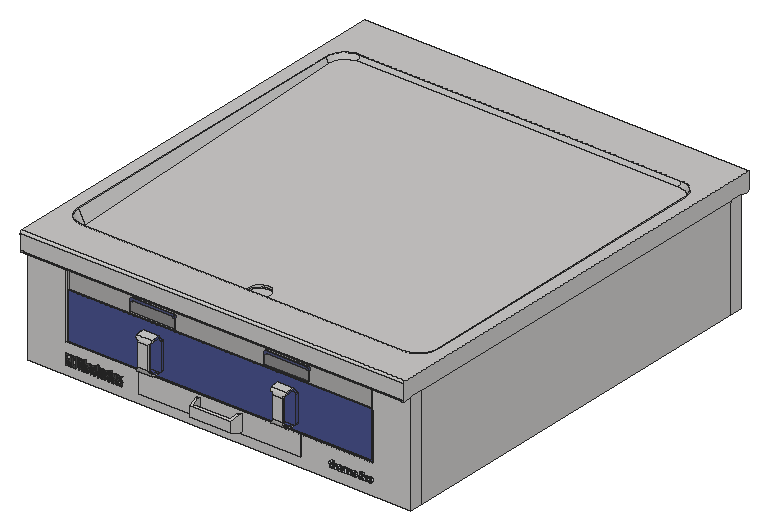
Revit family "QF_ELECTROLUXPROFESSIONAL_589829_MCHMAAHODM", category Attrezzature speciali, Revit 2020
Family settings
  Quota connettore circolare = Usa diametro
  Tipo di parte = Normale
  Basato su piano di lavoro = No
  Sempre verticale = Sì
  Taglio con vuoti quando caricato = No
  Condiviso = No
  Punto di calcolo locali = No
Parameters (values of type "Standard")
  Weight = 120.00 kg
  Watts = 15300 W
  Volts = 440 V
  URL Manufacturer = "https://www.electroluxprofessional.com/"
  URL = "https://www.electroluxprofessional.com/"
  Steam Supply Size = 0"
  Steam Supply Minimum Pressure = 0.00 psi
  Steam Supply Maximum Pressure = 0.00 psi
  Steam Consumption per Hour = 0
  Refrigeration Suction Line Size = 0 mm
  Refrigeration Liquid Line Size = 0 mm
  Refrigerant Compressor Remote = yes
  Prospetto di default = 0 mm
  Phase = 3
  Modello = "MCHMAAHODM"
  Produttore = "Electrolux Professional"
  Length Actual = 800 mm  # constant formula
  Item Number = "589829"
  Hot Water Size = 0"
  Height Actual = 250 mm  # constant formula
  HP = "20.5 HP"
  Gas Size = 0"
  Gas KW = 0
  Gas Input Pressure = 0.0 Btu/h
  Direct Waste Size = 0"
  Descrizione = "FRYTOP,SMT,2Z,1S,800X900X250H MARINE"
  Depth Actual = 900 mm  # constant formula
  Cycle = 50 Hz
  Condensate Return Size = 0"
  Compressed Air Volume = 0 GPM
  Compressed Air Size = 0"
  Compressed Air Pressure = 0.00 psi
  Cold Water Size = 0"
  Accessory = yes
Reference planes
  plane 1 "BACK": y = 0
  plane 2: z = 0
  plane 3 "LEFT": x = 0
  plane 4 "RIGHT": x = 800
  plane 5 "FRONT": y = -900
  plane 6 "TOP": z = 900
  plane 7 "Center (Left/Right)": x = 400
  plane 8 "Center (Front/Back)": y = -425
  plane 9: y = -150
  plane 10: y = -65
  plane 11: y = -840
  plane 12 "EIY": y = -685
  plane 13: z = 938
  plane 14 "BaseTop": z = 650
  plane 15: y = -855
  plane 16 "Camino": y = -50
  plane 17 "EIx": x = 755
  plane 18: z = 1131
  plane 19 "PlaneRibbed": through (-6096, -65, 890) normal (0, -0.0251, 0.9997)
  plane 20 "Base": z = 200
Forms (mm)
  Extrusion 1, solid, material "QF_Finishes_Stainless Steel"
    sketch origin (-178.969, -4572, 100) x (-1, 0, 0) y (0, -1, 0)
      loop
        line (-178.969, -4527) -> (-178.969, -3717) -> (-978.969, -3717) -> (-978.969, -4527) -> (-178.969, -4527)
    from 550 to 762.969
  Extrusion 2, solid, material "QF_Finishes_Stainless Steel"
    sketch origin (400, 296.4, 1219.2) x (0, 1, 0) y (0, 0, 1)
      loop
        line (-296.4, -319.2) -> (-1191.4, -319.2)
        arc (-1191.4, -319.2) -> (-1194.935, -320.664) -> (-1196.4, -324.2) r 5
        line (-1196.4, -324.2) -> (-1196.4, -355.2)
        arc (-1196.4, -355.2) -> (-1194.971, -358.264) -> (-1191.705, -359.139) r 4
        line (-1191.705, -359.139) -> (-1176.4, -356.231) -> (-316.4, -356.231) -> (-301.094, -359.139)
        arc (-301.094, -359.139) -> (-297.829, -358.264) -> (-296.4, -355.2) r 4
        line (-296.4, -355.2) -> (-296.4, -319.2)
    from -400 to 400
  Extrusion 3, void
    sketch origin (0, -30, 900) x (-1, 0, 0) y (0, -1, 0)
      loop
        arc (-65, 65) -> (-36.716, 76.716) -> (-25, 105) r 40
        line (-25, 105) -> (-25, 750)
        arc (-25, 750) -> (-36.716, 778.284) -> (-65, 790) r 40
        line (-65, 790) -> (-735, 790)
        arc (-735, 790) -> (-763.284, 778.284) -> (-775, 750) r 40
        line (-775, 750) -> (-775, 105)
        arc (-775, 105) -> (-763.284, 76.716) -> (-735, 65) r 40
        line (-735, 65) -> (-65, 65)
    from 0 to -30
  Extrusion 4, solid, material "QF_Finishes_Stainless Steel"
    sketch origin (0, 0, 650) x (-1, 0, 0) y (0, -1, 0)
      loop
        circle (-755, 685) r 10.1
    from 0 to -10
  Sweep 5, solid, material "QF_Finishes_Stainless Steel"
    path origin (0, -30, 900) x (-1, 0, 0) y (0, -1, 0)
      loop
        line (-25, 105) -> (-25, 750)
        arc (-25, 750) -> (-36.716, 778.284) -> (-65, 790) r 40
        line (-65, 790) -> (-735, 790)
        arc (-735, 790) -> (-763.284, 778.284) -> (-775, 750) r 40
        line (-775, 750) -> (-775, 105)
        arc (-775, 105) -> (-763.284, 76.716) -> (-735, 65) r 40
        line (-735, 65) -> (-65, 65)
        arc (-65, 65) -> (-36.716, 76.716) -> (-25, 105) r 40
    profile origin (25, -457.5, 900) x (1, 0, 0) y (0, 0, 1)
      loop
        line (0, 0) -> (0, -30) -> (15, -30) -> (0, 0)
  Extrusion 6, void
    sketch origin (305.009, -30, 900) x (-1, 0, 0) y (0, -1, 0)
      loop
        circle (-94.991, 746) r 22.248
    from -32.282 to 0
  Extrusion 7, solid, material "QF_Finishes_Stainless Steel"
    sketch origin (400, 266.4, 1219.2) x (0, 1, 0) y (0, 0, 1)
      loop
        line (-1086.4, -349.2) -> (-361.4, -349.2) -> (-361.4, -329.2) -> (-1086.4, -347.399) -> (-1086.4, -349.2)
    from -375 to 375
  Extrusion 8, void
    sketch origin (290.252, -10, 900) x (-1, 0, 0) y (0, -1, 0)
      loop
        circle (-109.748, 765.667) r 22.248
    from -32.282 to 0
  Extrusion 9, solid, material "QF_Finishes_Stainless Steel"
    sketch origin (400, 296.4, 1219.2) x (0, 1, 0) y (0, 0, 1)
      loop
        line (-341.4, -356.231) -> (-341.4, -569.2) -> (-316.4, -569.2) -> (-316.4, -356.231) -> (-341.4, -356.231)
    from -400 to 400
Cuts and joins
  Extrusion 3, Extrusion 6, Extrusion 8 cuts Extrusion 2
  Extrusion 8 cuts Sweep 5
  Extrusion 8 cuts Extrusion 7
  joined: Sweep 5, Extrusion 7
Lines and regions (mm)
  symbolic lines
    curve 1: line (0, 0, 100) -> (800, 0, 100)
    curve 2: line (0, -900, 100) -> (0, 0, 100)
    curve 3: line (800, -900, 100) -> (0, -900, 100)
    curve 4: line (800, 0, 100) -> (800, -900, 100)
    curve 5: line (734.029, -95, 0) -> (65.29, -95, 0)
    curve 6: line (65.29, -820, 0) -> (734.029, -820, 0)
    curve 7: line (65, -110, 900) -> (735, -110, 900)
    curve 8: line (735, -805, 900) -> (65, -805, 900)
    curve 9: arc (760, -780, 900) -> (752.678, -797.678, 900) -> (735, -805, 900) r 25
    curve 10: line (760, -135, 900) -> (760, -780, 900)
    curve 11: arc (735, -110, 900) -> (752.678, -117.322, 900) -> (760, -135, 900) r 25
    curve 12: circle (400, -776, 900) r 22.248 normal (0, 0, 1)
    curve 13: arc (90.5, -115.483, 900) -> (62.314, -127.096, 900) -> (50.5, -155.198, 900) r 39.994
    curve 14: line (90.5, -115.482, 900) -> (710.5, -115.482, 900)
    curve 15: line (50.5, -692.082, 900) -> (50.5, -155.198, 900)
    curve 16: arc (50.5, -692.082, 900) -> (62.314, -720.184, 900) -> (90.5, -731.797, 900) r 39.994
    curve 17: line (710.5, -731.798, 900) -> (90.5, -731.798, 900)
    curve 18: line (40.29, -738.526, 900) -> (760, -738.526, 900)
    curve 19: line (40.29, -748.526, 900) -> (760, -748.526, 900)
    curve 20: arc (65, -95, 900) -> (36.716, -106.716, 900) -> (25, -135, 900) r 40
    curve 21: line (25, -135, 900) -> (25, -780, 900)
    curve 22: arc (25, -780, 900) -> (36.716, -808.284, 900) -> (65, -820, 900) r 40
    curve 23: arc (735, -820, 900) -> (763.284, -808.284, 900) -> (775, -780, 900) r 40
    curve 24: line (775, -780, 900) -> (775, -135, 900)
    curve 25: arc (775, -135, 900) -> (763.284, -106.716, 900) -> (735, -95, 900) r 40
    curve 26: arc (709.5, -115.483, 900) -> (737.686, -127.096, 900) -> (749.5, -155.198, 900) r 39.994
    curve 27: line (749.5, -692.082, 900) -> (749.5, -155.198, 900)
    curve 28: arc (749.5, -692.082, 900) -> (737.686, -720.184, 900) -> (709.5, -731.797, 900) r 39.994
    curve 29: arc (65, -805, 900) -> (47.322, -797.678, 900) -> (40, -780, 900) r 25
    curve 30: line (40, -780, 900) -> (40, -135, 900)
    curve 31: arc (40, -135, 900) -> (47.322, -117.322, 900) -> (65, -110, 900) r 25
Dimensions and locks
  plane 3 "LEFT" to plane 4 "RIGHT" = 800 mm
  plane 5 "FRONT" to plane 1 "BACK" = 900 mm
  plane 3 "LEFT" to plane 7 "Center (Left/Right)" to plane 4 "RIGHT" = 400 mm, 400 mm
  plane 5 "FRONT" to plane 8 "Center (Front/Back)" to plane 1 "BACK" = 475 mm, 425 mm
  plane 6 "TOP" to level = 900 mm  (x2)
  plane 1 "BACK" to plane 9 = 150 mm
  plane 12 "EIY" to plane 1 "BACK" = 685 mm
  plane 13 to plane 6 "TOP" = 38 mm
  plane 10 to plane 1 "BACK" = 65 mm
  plane 5 "FRONT" to plane 11 = 60 mm
  locked: plane 6 "TOP" to plane 14 "BaseTop" at 250
  locked: plane 15 to plane 5 "FRONT" at 45
  plane 16 "Camino" to plane 1 "BACK" = 50 mm
  plane 17 "EIx" to plane 4 "RIGHT" = 45 mm
  plane 18 to plane 6 "TOP" = 231 mm
  plane 20 "Base" to level = 200 mm
  aligned and locked: level to plane 2
  aligned and locked: cut or joined group of Extrusion 2, Extrusion 3, Extrusion 6, Extrusion 8 to plane 3 "LEFT"
  aligned and locked: cut or joined group of Extrusion 2, Extrusion 3, Extrusion 6, Extrusion 8 to plane 4 "RIGHT"
  aligned and locked: nested 1 to plane 15
  aligned and locked: Extrusion 1 to plane 15
  aligned and locked: plane 3 "LEFT" to nested 1
Nested families
  nested 1: "Front_Panel_W800_Two Knobs" at (202.376, -855, 0), type "Front_Panel_W800_Two Knobs"
Connectors
  electrical at (755, -685, 640), driven by "Volts"
    settings: on Extrusion 4, index 1, voltage 440 V, apparent load 0 VA, apparent load phase1 0 VA, apparent load phase2 0 VA, apparent load phase3 0 VA, power factor 1, load classification "Other", number of poles 1, system type 30, power factor state 1, is connector primary yes, connector utility no, sub classification motor no, connector description "Electrical Connection"
Definition of nested family "Front_Panel_W800_Two Knobs"
  Parameters
    Default Elevation = 0 mm
  Reference planes
    plane 1 "Center (Front/Back)": y = 0
    plane 2: z = 0
    plane 3 "Center (Left/Right)": x = 197.624
    plane 4 "Left": x = -202.376
    plane 5 "Right": x = 597.624
    plane 6: y = -45
    plane 7: x = 127.624
    plane 8: y = -310
    plane 9: x = 57.624
    plane 10: x = 337.624
    plane 11: x = 517.624
    plane 12: x = -122.376
    plane 13 "Panel": y = -25
  Forms (mm)
    Extrusion 1, solid
      sketch origin (833.217, 829.203, -1.25) x (0, 1, 0) y (0, 0, 1)
        loop
          line (-854.203, 651.25) -> (-829.203, 651.25) -> (-829.203, 864.25) -> (-854.203, 864.25) -> (-854.203, 651.25)
      from -1035.593 to -235.593
    Extrusion 2, void
      sketch origin (0, 0, 0) x (1, 0, 0) y (0, 0, 1)
        loop
          line (-122.376, 853.866) -> (-122.376, 711.866) -> (517.624, 711.866) -> (517.624, 853.866) -> (-122.376, 853.866)
      from 19.387 to 33.951
    Extrusion 3, solid
      sketch origin (50, 0, 1) x (1, 0, 0) y (0, 0, 1)
        loop
          line (-21.376, 710.866) -> (-21.376, 667.866) -> (316.624, 667.866) -> (316.624, 710.866) -> (-21.376, 710.866)
      from 19.387 to 25
    Extrusion 4, solid
      sketch origin (50, 0, 1) x (1, 0, 0) y (0, 1, 0)
        loop
          line (106.059, -25) -> (100.966, -25) -> (105.646, -49.075) -> (189.603, -49.075) -> (194.283, -25) -> (189.189, -25) -> (185.481, -44.075) -> (109.767, -44.075) -> (106.059, -25)
      from 672.593 to 705.67
    Extrusion 5, void
      sketch origin (197.624, 0, 1) x (0, 1, 0) y (0, 0, 1)
        loop
          line (-30, 705.67) -> (-30, 710.67) -> (-56.744, 710.67) -> (-56.744, 667.593) -> (-30, 667.593) -> (-30, 672.593) -> (-53.776, 680.318) -> (-53.776, 697.945) -> (-30, 705.67)
      from -50 to 50
    Extrusion 6, solid, detail levels coarse
      sketch origin (50, -265, 1) x (1, 0, 0) y (0, 1, 0)
        loop
          line (106.164, -71.744) -> (189.084, -71.744) -> (194.283, -45) -> (316.624, -45) -> (316.624, 240) -> (-21.376, 240) -> (-21.376, -45) -> (100.966, -45) -> (106.164, -71.744)
      from 672.593 to 705.67
    Extrusion 7, void
      sketch origin (197.624, -280, 1) x (0, 1, 0) y (0, 0, 1)
        loop
          line (-30, 705.67) -> (-30, 710.67) -> (-56.744, 710.67) -> (-56.744, 667.593) -> (-30, 667.593) -> (-30, 672.593) -> (-53.776, 680.318) -> (-53.776, 697.945) -> (-30, 705.67)
      from -50 to 50
  Cuts and joins
    Extrusion 2 cuts Extrusion 1
    Extrusion 5 cuts Extrusion 4
    Extrusion 5, Extrusion 7 cuts Extrusion 6
  Lines and regions (mm)
    symbolic lines
      curve 1: line (28.624, -45, 0) -> (28.624, -310, 0)
      curve 2: line (28.624, -310, 0) -> (366.624, -310, 0)
      curve 3: line (366.624, -310, 0) -> (366.624, -45, 0)
      curve 4: line (28.624, -300, 0) -> (366.624, -300, 0)
      curve 5: line (150.908, -309.701, 0) -> (155.587, -333.776, 0)
      curve 6: line (155.587, -333.776, 0) -> (239.545, -333.776, 0)
      curve 7: line (239.545, -333.776, 0) -> (244.225, -309.701, 0)
      curve 8: line (155.816, -308.747, 0) -> (159.709, -328.776, 0)
      curve 9: line (159.709, -328.776, 0) -> (235.423, -328.776, 0)
      curve 10: line (235.423, -328.776, 0) -> (239.316, -308.747, 0)
  Dimensions and locks
    equal spacing: plane 5 "Right", plane 3 "Center (Left/Right)", plane 4 "Left"
    plane 5 "Right" to plane 4 "Left" = 800 mm
    plane 3 "Center (Left/Right)" to plane 7 = 70 mm
    plane 6 to plane 8 = 265 mm
    plane 10 to plane 3 "Center (Left/Right)" = 140 mm
    plane 3 "Center (Left/Right)" to plane 9 = 140 mm
    aligned and locked: cut or joined group of Extrusion 1, Extrusion 2 to plane 4 "Left"
    aligned and locked: plane 5 "Right" to cut or joined group of Extrusion 1, Extrusion 2
    aligned and locked: plane 3 "Center (Left/Right)" to nested 1
    aligned and locked: cut or joined group of Extrusion 1, Extrusion 2 to nested 1
    aligned and locked: nested 5 to plane 12
  Automatic sketch dimensions
    Extrusion 1 sketch curve to plane 1 "Center (Front/Back)" = 0 mm
    level to Extrusion 1 sketch curve = 650 mm
    plane 4 "Left" to Extrusion 2 sketch curve = 80 mm
    Extrusion 2 sketch curve to plane 5 "Right" = 80 mm
    level to Extrusion 2 sketch curve = 711.866 mm
    Extrusion 2 sketch curve to Extrusion 2 sketch curve = 142 mm
    plane 6 to curve 1 = 0 mm
    plane 6 to curve 3 = 0 mm
    plane 8 to curve 1 = 0 mm
    curve 1 to curve 4 = 10 mm
    Extrusion 1 sketch curve to plane 6 = 20 mm
    Extrusion 1 sketch curve to Extrusion 1 sketch curve = 213 mm
    curve 2 to plane 7 = 99 mm
    Extrusion 3 sketch curve to plane 9 = 29 mm
    plane 10 to Extrusion 3 sketch curve = 29 mm
    level to Extrusion 3 sketch curve = 668.866 mm
    Extrusion 3 sketch curve to Extrusion 3 sketch curve = 43 mm
    plane 13 "Panel" to Extrusion 4 sketch curve = 0 mm  (x2)
    plane 7 to Extrusion 4 sketch curve = 23.342 mm
    plane 6 to Extrusion 4 sketch curve = 4.075 mm
    Extrusion 4 sketch curve to Extrusion 4 sketch curve = 4.68 mm
    Extrusion 4 sketch curve to Extrusion 4 sketch curve = 5.094 mm  (x2)
    Extrusion 4 sketch curve to plane 6 = 0.925 mm
    Extrusion 4 sketch curve to Extrusion 4 sketch curve = 4.122 mm  (x2)
    plane 3 "Center (Left/Right)" to Extrusion 4 sketch curve = 37.857 mm
    Extrusion 4 sketch curve to Extrusion 4 sketch curve = 3.708 mm
    plane 6 to Extrusion 5 sketch curve = 11.744 mm
    plane 6 to Extrusion 5 sketch curve = 8.776 mm
    plane 13 "Panel" to Extrusion 5 sketch curve = 5 mm  (x2)
    level to Extrusion 5 sketch curve = 668.593 mm
    Extrusion 5 sketch curve to Extrusion 5 sketch curve = 5 mm
    Extrusion 5 sketch curve to Extrusion 5 sketch curve = 12.725 mm  (x2)
    Extrusion 5 sketch curve to Extrusion 5 sketch curve = 17.627 mm
    Extrusion 5 sketch curve to Extrusion 5 sketch curve = 7.725 mm
    plane 13 "Panel" to Extrusion 6 sketch curve = 0 mm
    Extrusion 6 sketch curve to plane 8 = 0 mm  (x2)
    Extrusion 6 sketch curve to plane 9 = 29 mm
    plane 7 to Extrusion 6 sketch curve = 23.342 mm
    Extrusion 6 sketch curve to Extrusion 6 sketch curve = 5.199 mm  (x2)
    plane 3 "Center (Left/Right)" to Extrusion 6 sketch curve = 41.46 mm
    plane 10 to Extrusion 6 sketch curve = 29 mm
    Extrusion 6 sketch curve to plane 8 = 26.744 mm
    Extrusion 7 sketch curve to plane 8 = 0 mm  (x2)
    Extrusion 7 sketch curve to plane 8 = 23.776 mm
    Extrusion 7 sketch curve to Extrusion 7 sketch curve = 2.968 mm
    level to Extrusion 7 sketch curve = 668.593 mm
    Extrusion 7 sketch curve to Extrusion 7 sketch curve = 5 mm
    Extrusion 7 sketch curve to Extrusion 7 sketch curve = 12.725 mm  (x2)
    Extrusion 7 sketch curve to Extrusion 7 sketch curve = 17.627 mm
    Extrusion 7 sketch curve to Extrusion 7 sketch curve = 7.725 mm
    plane 10 to curve 3 = 29 mm
    plane 8 to curve 5 = 0.299 mm
    plane 7 to curve 5 = 23.283 mm
    curve 5 to curve 5 = 4.68 mm
    plane 8 to curve 8 = 1.253 mm
    curve 5 to curve 8 = 4.908 mm
    curve 5 to curve 9 = 4.122 mm
    plane 3 "Center (Left/Right)" to curve 9 = 37.799 mm
    curve 10 to plane 8 = 18.776 mm
    plane 8 to curve 10 = 1.253 mm
    curve 9 to curve 10 = 3.893 mm
    curve 9 to curve 7 = 4.122 mm
    plane 8 to curve 7 = 0.299 mm
    curve 10 to curve 7 = 4.908 mm
    curve 6 to curve 8 = 5 mm
  Nested families
    nested 1: "Front glass control panel W800_Two" at (197.624, 280.644, 2.752), type "Front glass control panel W800_Two"
    nested 2: "Range Control Handle" at (57.851, -28.137, -209.113) x (-1, 0, 0) z (0, 0, 1), type "Range Control Handle"
    nested 3: "Range Control Handle" at (337.624, -28.137, -209.113), type "Range Control Handle"
    nested 4: "ELX_ThermaLine_Small" at (469.031, -25, 679.402) x (1, 0, 0) z (0, -1, 0), type "ELX_ThermaLine_Small"
      with Show Logo yes, Material_Logo none
    nested 5: "ELX_Professional_Logo_Small" at (-62.89, -25, 681.634) x (1, 0, 0) z (0, -1, 0), type "ELX_Professional_Logo_Small"
      with Show Logo yes, Material_Logo none
  Definition of nested family "Front glass control panel W800_Two"
    Parameters
      Default Elevation = 0 mm
    Reference planes
      plane 1 "Center (Front/Back)": y = 0
      plane 2: z = 0
      plane 3 "Center (Left/Right)": x = 0
      plane 4: x = -140
      plane 5: x = 140
    Forms (mm)
      Extrusion 1, solid
        sketch origin (378.286, 0, 0.617) x (1, 0, 0) y (0, 0, 1)
          loop
            line (-698.286, 806.791) -> (-698.286, 708.497) -> (-58.286, 708.497) -> (-58.286, 806.791) -> (-698.286, 806.791)
        from 300.031 to 304.8
      Extrusion 2, solid
        sketch origin (378.286, 0, 0.617) x (1, 0, 0) y (0, 0, 1)
          loop
            line (-698.286, 850.497) -> (-698.286, 806.791) -> (-58.286, 806.791) -> (-58.286, 850.497) -> (-698.286, 850.497)
        from 300.031 to 304.8
      Extrusion 3, void
        sketch origin (378.286, 0, 0.617) x (1, 0, 0) y (0, 0, 1)
          loop
            line (-695.628, 847.565) -> (-695.628, 710.699) -> (-61.196, 710.699) -> (-61.196, 847.565) -> (-695.628, 847.565)
        from 303.697 to 304.8
      Extrusion 4, solid
        sketch origin (-448.309, 1.101, -0.633) x (-1, 0, 0) y (0, 0, -1)
          loop
            line (-261.431, -812.62) -> (-355.186, -812.62) -> (-355.186, -834.177) -> (-350.269, -834.177) -> (-348.469, -835.977) -> (-268.039, -835.977) -> (-266.24, -834.177) -> (-261.431, -834.177) -> (-261.431, -812.62)
        from 304.798 to 306.745
      Extrusion 5, solid
        sketch origin (-448.309, 1.101, -0.633) x (-1, 0, 0) y (0, 0, -1)
          loop
            line (-350.269, -834.177) -> (-355.078, -834.177)
            arc (-355.078, -834.177) -> (-353.942, -838.747) -> (-349.686, -840.763) r 5.5
            line (-349.686, -840.763) -> (-266.98, -840.763)
            arc (-266.98, -840.763) -> (-262.706, -838.752) -> (-261.529, -834.177) r 5.549
            line (-261.529, -834.177) -> (-266.24, -834.177) -> (-268.039, -835.977) -> (-348.469, -835.977) -> (-350.269, -834.177)
        from 304.798 to 306.745
      Extrusion 6, solid
        sketch origin (448.309, 1.101, -0.633) x (1, 0, 0) y (0, 0, 1)
          loop
            line (-261.431, 812.62) -> (-261.431, 834.177) -> (-266.24, 834.177) -> (-268.039, 835.977) -> (-348.469, 835.977) -> (-350.269, 834.177) -> (-355.186, 834.177) -> (-355.186, 812.62) -> (-261.431, 812.62)
        from 304.798 to 306.745
      Extrusion 7, solid
        sketch origin (448.309, 1.101, -0.633) x (1, 0, 0) y (0, 0, 1)
          loop
            line (-350.269, 834.177) -> (-348.469, 835.977) -> (-268.039, 835.977) -> (-266.24, 834.177) -> (-261.529, 834.177)
            arc (-261.529, 834.177) -> (-262.706, 838.752) -> (-266.98, 840.763) r 5.549
            line (-266.98, 840.763) -> (-349.686, 840.763)
            arc (-349.686, 840.763) -> (-353.942, 838.747) -> (-355.078, 834.177) r 5.5
            line (-355.078, 834.177) -> (-350.269, 834.177)
        from 304.798 to 306.745
    Cuts and joins
      Extrusion 3 cuts Extrusion 1
      Extrusion 3 cuts Extrusion 2
    Dimensions and locks
      plane 3 "Center (Left/Right)" to plane 4 = 140 mm
      plane 5 to plane 3 "Center (Left/Right)" = 140 mm
      aligned and locked: Extrusion 1 to Extrusion 2
      aligned and locked: Extrusion 5 sketch curve to Extrusion 4  (x5)
      aligned and locked: Extrusion 5 to Extrusion 4
      aligned and locked: Extrusion 7 sketch curve to Extrusion 6  (x4)
      aligned and locked: Extrusion 6 to Extrusion 7 sketch curve
      aligned and locked: Extrusion 7 to Extrusion 6
  Definition of nested family "Range Control Handle"
    Parameters
      Default Elevation = 0 mm
    Reference planes
      plane 1 "Center (Front/Back)": y = 0
      plane 2: z = 0
      plane 3 "Center (Left/Right)": x = 0
      plane 4: z = 971.092
      plane 5: y = -16.9
    Forms (mm)
      Extrusion 1, solid
        sketch origin (-746.28, 380.497, 208.931) x (-1, 0, 0) y (0, 0, 1)
          loop
            line (-770.101, 786.798) -> (-770.101, 731.649)
            arc (-770.101, 731.649) -> (-769.759, 730.563) -> (-768.855, 729.87) r 1.893
            line (-768.855, 729.87) -> (-763.474, 727.911) -> (-729.81, 727.911) -> (-724.428, 729.87)
            arc (-724.428, 729.87) -> (-723.525, 730.563) -> (-723.183, 731.649) r 1.893
            line (-723.183, 731.649) -> (-723.183, 786.798)
            arc (-723.183, 786.798) -> (-723.529, 787.894) -> (-724.44, 788.593) r 1.91
            line (-724.44, 788.593) -> (-729.683, 790.819) -> (-763.601, 790.819) -> (-768.844, 788.593)
            arc (-768.844, 788.593) -> (-769.755, 787.894) -> (-770.101, 786.798) r 1.91
        from -382.35 to -378.852
      Sweep 2, solid
        path origin (-746.788, 380.496, 208.091) x (0, -1, 0) y (0, 0, 1)
          loop
            line (379.775, 793.281) -> (395.661, 791.048)
            arc (395.661, 791.048) -> (397.781, 787.377) -> (398.517, 783.202) r 12.207
            line (398.517, 783.202) -> (398.517, 737.368)
            arc (398.517, 737.368) -> (397.781, 733.193) -> (395.661, 729.522) r 12.207
            line (395.661, 729.522) -> (379.775, 727.289)
        profile origin (-746.788, -7.222, 1000.256) x (0, -0.139173, 0.990268) y (-1, 0, 0)
          loop
            line (0.782, -763.123) -> (0.782, -730.907) -> (-1.322, -730.907) -> (-1.322, -763.123) -> (0.782, -763.123)
      Sweep 3, solid
        path origin (-746.788, 380.715, 207.832) x (0, -1, 0) y (0, 0, 1)
          loop
            line (380.478, 795.442) -> (397.218, 793.09)
            arc (397.218, 793.09) -> (399.929, 788.473) -> (400.871, 783.202) r 15.207
            line (400.871, 783.202) -> (400.871, 737.584)
            arc (400.871, 737.584) -> (399.914, 732.274) -> (397.164, 727.633) r 15.207
            line (397.164, 727.633) -> (380.601, 725.305)
        profile origin (-746.788, -8.132, 1002.099) x (0, -0.139173, 0.990268) y (-1, 0, 0)
          loop
            line (0.782, -763.123) -> (0.782, -730.907) -> (-1.322, -730.907) -> (-1.322, -763.123) -> (0.782, -763.123)
      Extrusion 4, void
        sketch origin (889.253, 220.666, 207.993) x (1, 0, 0) y (0, 0, 1)
          loop
            line (-943.038, 816.854) -> (-943.038, 703.686) -> (-899.466, 734.196) -> (-899.466, 786.344) -> (-943.038, 816.854)
        from 230.636 to 242.25
      Extrusion 5, void
        sketch origin (-888.8, 220.666, 207.993) x (-1, 0, 0) y (0, 0, -1)
          loop
            line (-943.038, -816.854) -> (-899.466, -786.344) -> (-899.466, -734.196) -> (-943.038, -703.686) -> (-943.038, -816.854)
        from 230.636 to 242.25
      Extrusion 6, solid
        sketch origin (0, 0, 0) x (1, 0, 0) y (0, 0, 1)
          loop
            circle (0, 971.092) r 7.736
        from -3.137 to -1.645
    Cuts and joins
      Extrusion 4, Extrusion 5 cuts Sweep 3
      Extrusion 4, Extrusion 5 cuts Sweep 2
      joined: Extrusion 1, Extrusion 6
    Lines and regions (mm)
      symbolic lines
        curve 1: line (16.334, -16.9, 0) -> (16.334, -19.227, 0)
        curve 2: spline (16.334, -19.227, 0) -> (15.87, -19.385, 0) -> (15.404, -19.536, 0) -> (14.936, -19.678, 0) -> (14.466, -19.813, 0) -> (13.995, -19.94, 0) -> (13.523, -20.059, 0) -> (13.049, -20.171, 0) -> (12.575, -20.274, 0) -> (12.099, -20.37, 0) -> (11.622, -20.458, 0) -> (11.144, -20.537, 0) -> (10.666, -20.609, 0)
        curve 3: line (10.666, -16.9, 0) -> (10.666, -20.938, 0)
        curve 4: line (-10.213, -20.938, 0) -> (10.666, -20.938, 0)
        curve 5: line (-10.213, -20.938, 0) -> (-10.213, -16.9, 0)
        curve 6: spline (-10.213, -20.609, 0) -> (-10.691, -20.537, 0) -> (-11.169, -20.458, 0) -> (-11.646, -20.37, 0) -> (-12.122, -20.274, 0) -> (-12.597, -20.171, 0) -> (-13.07, -20.059, 0) -> (-13.542, -19.94, 0) -> (-14.013, -19.813, 0) -> (-14.483, -19.678, 0) -> (-14.951, -19.536, 0) -> (-15.417, -19.385, 0) -> (-15.881, -19.227, 0)
        curve 7: line (-15.881, -19.227, 0) -> (-15.881, -16.9, 0)
  Definition of nested family "ELX_ThermaLine_Small"
    Parameters
      Show Logo [instance] = yes
      Material_Logo [instance] = none
      Default Elevation = 0 mm
    Reference planes
      plane 1 "Centro (Fronte/Retro)": y = 0
      plane 2: z = 0
      plane 3 "Centro (Sinistra/Destra)": x = 0
    Forms (mm)
      Extrusion 1, solid
        sketch origin (0, 0, 0) x (1, 0, 0) y (0, 1, 0)
          loop
            line (-1219.2, 1219.2) -> (-1219.2, -1219.2) -> (1219.2, -1219.2) -> (1219.2, 1219.2) -> (-1219.2, 1219.2)
        from 0 to -304.8
      Extrusion 2, solid
        sketch origin (0, 0, 0) x (1, 0, 0) y (0, 1, 0)
          loop
            line (-37.494, 1.229) -> (-35.908, 1.229) -> (-35.908, 3.066) -> (-37.494, 3.066) -> (-37.494, 6.221) -> (-39.867, 4.881) -> (-39.867, 3.066) -> (-40.969, 3.066) -> (-40.969, 1.229) -> (-39.867, 1.229) -> (-39.867, -3.407)
            arc (-39.867, -3.407) -> (-38.982, -5.513) -> (-36.751, -6.001) r 2.478
            line (-36.751, -6.001) -> (-35.638, -5.7) -> (-35.9, -3.835) -> (-36.661, -4.039)
            arc (-36.661, -4.039) -> (-37.236, -3.924) -> (-37.494, -3.399) r 0.662
            line (-37.494, -3.399) -> (-37.494, 1.229)
          loop
            line (-34.242, 6.539) -> (-34.242, -5.848) -> (-31.854, -5.848) -> (-31.854, -0.078)
            arc (-31.854, -0.078) -> (-30.939, 1.249) -> (-29.33, 1.367) r 1.866
            arc (-29.33, 1.367) -> (-28.695, 0.768) -> (-28.461, -0.073) r 1.627
            line (-28.461, -0.073) -> (-28.461, -5.848) -> (-26.086, -5.848) -> (-26.064, -0.46)
            arc (-26.064, -0.46) -> (-26.261, 0.932) -> (-26.786, 2.237) r 5.825
            arc (-26.786, 2.237) -> (-29.381, 3.264) -> (-31.854, 1.971) r 3.353
            line (-31.854, 1.971) -> (-31.854, 6.539) -> (-34.242, 6.539)
          loop
            arc (-18.398, -0.598) -> (-18.893, 0.879) -> (-20.326, 1.487) r 1.897
            arc (-20.326, 1.487) -> (-21.461, 0.708) -> (-21.897, -0.598) r 2.164
            line (-21.897, -0.598) -> (-18.398, -0.598)
          loop
            arc (-16.021, -2.044) -> (-16.754, 1.227) -> (-19.444, 3.226) r 4.814
            arc (-19.444, 3.226) -> (-22.137, 2.788) -> (-23.943, 0.743) r 4.054
            arc (-23.943, 0.743) -> (-24.382, -1.249) -> (-24.162, -3.276) r 6.289
            arc (-24.162, -3.276) -> (-23.302, -4.71) -> (-21.958, -5.705) r 4.28
            arc (-21.958, -5.705) -> (-18.558, -5.814) -> (-16.152, -3.409) r 4.28
            line (-16.152, -3.409) -> (-18.5, -2.995)
            arc (-18.5, -2.995) -> (-19.273, -3.994) -> (-20.533, -4.076) r 1.536
            arc (-20.533, -4.076) -> (-21.56, -3.281) -> (-21.958, -2.044) r 2.197
            line (-21.958, -2.044) -> (-16.021, -2.044)
          loop
            line (-14.165, -5.848) -> (-11.819, -5.848) -> (-11.819, -2.138)
            arc (-11.819, -2.138) -> (-11.787, -1.156) -> (-11.637, -0.185) r 8.18
            arc (-11.637, -0.185) -> (-10.644, 0.972) -> (-9.132, 0.776) r 1.603
            line (-9.132, 0.776) -> (-8.419, 2.846)
            arc (-8.419, 2.846) -> (-10.432, 3.118) -> (-11.994, 1.821) r 2.527
            line (-11.994, 1.821) -> (-11.994, 3.094) -> (-14.165, 3.094) -> (-14.165, -5.848)
          loop
            line (-7.579, 3.094) -> (-7.579, -5.848) -> (-5.178, -5.848) -> (-5.178, -0.756)
            arc (-5.178, -0.756) -> (-4.727, 0.679) -> (-3.417, 1.419) r 2.05
            arc (-3.417, 1.419) -> (-2.499, 0.908) -> (-2.155, -0.085) r 1.471
            line (-2.155, -0.085) -> (-2.155, -5.848) -> (0.23, -5.848) -> (0.23, -1.001)
            arc (0.23, -1.001) -> (0.47, 0.127) -> (1.148, 1.061) r 2.775
            arc (1.148, 1.061) -> (2.225, 1.329) -> (3.05, 0.587) r 1.182
            arc (3.05, 0.587) -> (3.199, -0.019) -> (3.214, -0.642) r 2.894
            line (3.214, -0.642) -> (3.214, -5.848) -> (5.601, -5.848) -> (5.601, 0.261)
            arc (5.601, 0.261) -> (4.87, 2.263) -> (2.976, 3.241) r 2.932
            arc (2.976, 3.241) -> (1.284, 2.973) -> (-0.047, 1.896) r 3.309
            arc (-0.047, 1.896) -> (-1.116, 2.865) -> (-2.506, 3.258) r 3.16
            arc (-2.506, 3.258) -> (-4.105, 2.942) -> (-5.376, 1.92) r 3.419
            line (-5.376, 1.92) -> (-5.376, 3.094) -> (-7.579, 3.094)
          loop
            line (7.583, 0.738) -> (9.702, 0.364)
            arc (9.702, 0.364) -> (11.441, 1.492) -> (12.855, -0.023) r 1.613
            line (12.855, -0.023) -> (9.782, -0.789)
            arc (9.782, -0.789) -> (8.559, -1.346) -> (7.617, -2.305) r 3.687
            arc (7.617, -2.305) -> (7.499, -3.681) -> (7.901, -5.003) r 3.651
            arc (7.901, -5.003) -> (9.107, -5.766) -> (10.515, -6.006) r 3.635
            arc (10.515, -6.006) -> (11.898, -5.697) -> (13.067, -4.895) r 3.734
            line (13.067, -4.895) -> (13.376, -5.848) -> (15.75, -5.848) -> (15.212, -4.193) -> (15.212, 0.38)
            arc (15.212, 0.38) -> (14.897, 1.849) -> (13.818, 2.895) r 2.585
            arc (13.818, 2.895) -> (11.792, 3.442) -> (9.719, 3.11) r 5.005
            arc (9.719, 3.11) -> (8.369, 2.178) -> (7.583, 0.738) r 3.54
          loop
            line (19.723, -5.848) -> (22.233, -5.848) -> (24.854, 6.484) -> (22.345, 6.484) -> (19.723, -5.848)
          loop
            line (24.583, -5.848) -> (26.953, -5.848) -> (28.848, 3.066) -> (26.478, 3.066) -> (24.583, -5.848)
          loop
            line (27.204, 6.484) -> (26.741, 4.305) -> (29.111, 4.305) -> (29.575, 6.484) -> (27.204, 6.484)
          loop
            line (29.355, -5.848) -> (31.849, -5.848) -> (33.098, 0.028)
            arc (33.098, 0.028) -> (34.169, 1.306) -> (35.832, 1.422) r 2.132
            arc (35.832, 1.422) -> (36.324, 0.752) -> (36.383, -0.078) r 1.5
            line (36.383, -0.078) -> (35.157, -5.848) -> (37.536, -5.848) -> (38.936, 0.738)
            arc (38.936, 0.738) -> (38.775, 2.091) -> (37.825, 3.066) r 2.118
            arc (37.825, 3.066) -> (35.392, 3.175) -> (33.295, 1.937) r 4.271
            line (33.295, 1.937) -> (33.535, 3.066) -> (31.25, 3.066) -> (29.355, -5.848)
          loop
            line (42.792, -0.64) -> (46.589, -0.64)
            arc (46.589, -0.64) -> (46.639, 0.124) -> (46.327, 0.823) r 1.589
            arc (46.327, 0.823) -> (45.117, 1.521) -> (43.762, 1.183) r 1.865
            arc (43.762, 1.183) -> (43.141, 0.344) -> (42.792, -0.64) r 3.538
          loop
            line (42.565, -2.138) -> (48.593, -2.138)
            arc (48.593, -2.138) -> (48.58, 0.597) -> (46.983, 2.818) r 4.494
            arc (46.983, 2.818) -> (44.191, 3.28) -> (41.725, 1.891) r 4.26
            arc (41.725, 1.891) -> (40.503, -0.3) -> (40.284, -2.799) r 6.003
            arc (40.284, -2.799) -> (40.959, -4.468) -> (42.377, -5.576) r 3.482
            arc (42.377, -5.576) -> (44.265, -5.961) -> (46.152, -5.576) r 4.823
            arc (46.152, -5.576) -> (47.432, -4.731) -> (48.328, -3.485) r 4.245
            line (48.328, -3.485) -> (46.168, -3.105)
            arc (46.168, -3.105) -> (45.214, -4.072) -> (43.859, -4.181) r 1.953
            arc (43.859, -4.181) -> (42.821, -3.408) -> (42.565, -2.138) r 1.81
          loop
            line (12.868, -1.553) -> (10.216, -2.214)
            arc (10.216, -2.214) -> (9.747, -3.136) -> (10.216, -4.058) r 1.14
            arc (10.216, -4.058) -> (11.537, -4.249) -> (12.614, -3.46) r 1.763
            arc (12.614, -3.46) -> (12.858, -2.522) -> (12.868, -1.553) r 3.97
        from 0 to 1.6
    Dimensions and locks
      aligned and locked: plane 2 to Extrusion 1
      aligned and locked: level to Extrusion 1
  Definition of nested family "ELX_Professional_Logo_Small"
    Parameters
      Show Logo [instance] = yes
      Material_Logo [instance] = none
      Default Elevation = 0 mm
    Reference planes
      plane 1 "Centro (Fronte/Retro)": y = 0
      plane 2: z = 0
      plane 3 "Centro (Sinistra/Destra)": x = 0
    Forms (mm)
      Extrusion 1, solid
        sketch origin (0, 0, 0) x (1, 0, 0) y (0, 1, 0)
          loop
            line (-1219.2, 1219.2) -> (-1219.2, -1219.2) -> (1219.2, -1219.2) -> (1219.2, 1219.2) -> (-1219.2, 1219.2)
        from 0 to -304.8
      Extrusion 2, solid, material <- "Material_Logo"
        sketch origin (15.5, 0, 0) x (1, 0, 0) y (0, 1, 0)
          loop
            spline (-42.99, -1.24) -> (-43.195, -1.231) -> (-43.415, -1.203) -> (-43.642, -1.152) -> (-43.87, -1.074) -> (-44.095, -0.966) -> (-44.309, -0.825) -> (-44.506, -0.647) -> (-44.681, -0.429) -> (-44.828, -0.167) -> (-44.94, 0.142) -> (-45.011, 0.501) -> (-45.037, 0.915)
            line (-45.037, 0.915) -> (-45.037, 2.748) -> (-38.984, 2.748) -> (-38.984, 5.086) -> (-45.038, 5.086) -> (-45.038, 8.489) -> (-38.599, 8.489) -> (-38.599, 10.82) -> (-47.515, 10.82) -> (-47.515, 1.021)
            spline (-47.515, 1.021) -> (-47.493, 0.418) -> (-47.425, -0.15) -> (-47.311, -0.682) -> (-47.15, -1.175) -> (-46.939, -1.628) -> (-46.678, -2.038) -> (-46.365, -2.404) -> (-46, -2.723) -> (-45.58, -2.995) -> (-45.105, -3.216) -> (-44.573, -3.385) -> (-43.983, -3.499)
            line (-43.983, -3.499) -> (-43.01, -3.569) -> (-38.426, -3.569) -> (-38.426, -1.24) -> (-42.99, -1.24)
          loop
            line (-36.666, 4.021) -> (-36.666, -3.573) -> (-34.188, -3.573) -> (-34.188, 10.824) -> (-36.666, 10.824) -> (-36.666, 4.021)
          loop
            spline (-21.915, 1.897) -> (-21.957, 2.615) -> (-22.082, 3.303) -> (-22.285, 3.955) -> (-22.563, 4.564) -> (-22.913, 5.124) -> (-23.331, 5.629) -> (-23.814, 6.074) -> (-24.359, 6.451) -> (-24.961, 6.755) -> (-25.618, 6.98) -> (-26.326, 7.119) -> (-27.081, 7.167)
            spline (-27.081, 7.167) -> (-27.853, 7.122) -> (-28.586, 6.99) -> (-29.275, 6.774) -> (-29.915, 6.478) -> (-30.5, 6.104) -> (-31.024, 5.657) -> (-31.483, 5.138) -> (-31.871, 4.553) -> (-32.182, 3.904) -> (-32.411, 3.194) -> (-32.552, 2.427) -> (-32.6, 1.606)
            spline (-32.6, 1.606) -> (-32.553, 0.805) -> (-32.416, 0.057) -> (-32.193, -0.637) -> (-31.887, -1.271) -> (-31.504, -1.843) -> (-31.048, -2.35) -> (-30.523, -2.788) -> (-29.934, -3.154) -> (-29.284, -3.444) -> (-28.579, -3.656) -> (-27.822, -3.785) -> (-27.019, -3.829)
            spline (-27.019, -3.829) -> (-26.627, -3.82) -> (-26.239, -3.79) -> (-25.856, -3.739) -> (-25.477, -3.663) -> (-25.103, -3.562) -> (-24.734, -3.432) -> (-24.369, -3.273) -> (-24.01, -3.082) -> (-23.655, -2.858) -> (-23.305, -2.597) -> (-22.96, -2.299) -> (-22.621, -1.962)
            line (-22.621, -1.962) -> (-24.114, -0.509)
            spline (-24.114, -0.509) -> (-24.311, -0.699) -> (-24.509, -0.872) -> (-24.71, -1.03) -> (-24.915, -1.172) -> (-25.126, -1.297) -> (-25.346, -1.407) -> (-25.576, -1.5) -> (-25.817, -1.576) -> (-26.072, -1.636) -> (-26.342, -1.678) -> (-26.629, -1.704) -> (-26.936, -1.713)
            spline (-26.936, -1.713) -> (-27.384, -1.691) -> (-27.805, -1.625) -> (-28.196, -1.518) -> (-28.556, -1.372) -> (-28.882, -1.187) -> (-29.174, -0.966) -> (-29.429, -0.71) -> (-29.645, -0.422) -> (-29.821, -0.102) -> (-29.955, 0.247) -> (-30.045, 0.623) -> (-30.089, 1.026)
            line (-30.089, 1.026) -> (-21.956, 1.026) -> (-21.915, 1.897)
          loop
            spline (-24.446, 2.769) -> (-24.47, 3.075) -> (-24.54, 3.37) -> (-24.654, 3.65) -> (-24.807, 3.913) -> (-24.996, 4.156) -> (-25.219, 4.376) -> (-25.472, 4.57) -> (-25.753, 4.736) -> (-26.057, 4.869) -> (-26.382, 4.968) -> (-26.724, 5.03) -> (-27.081, 5.051)
            spline (-27.081, 5.051) -> (-27.464, 5.03) -> (-27.832, 4.97) -> (-28.183, 4.872) -> (-28.513, 4.74) -> (-28.819, 4.577) -> (-29.099, 4.384) -> (-29.347, 4.165) -> (-29.563, 3.923) -> (-29.742, 3.659) -> (-29.881, 3.377) -> (-29.977, 3.079) -> (-30.027, 2.769)
            line (-30.027, 2.769) -> (-24.446, 2.769)
          loop
            spline (-18.167, 1.669) -> (-18.138, 2.13) -> (-18.055, 2.567) -> (-17.921, 2.978) -> (-17.739, 3.358) -> (-17.512, 3.705) -> (-17.243, 4.016) -> (-16.937, 4.287) -> (-16.596, 4.517) -> (-16.223, 4.7) -> (-15.823, 4.835) -> (-15.398, 4.919) -> (-14.951, 4.947)
            spline (-14.951, 4.947) -> (-14.677, 4.938) -> (-14.414, 4.913) -> (-14.162, 4.871) -> (-13.921, 4.812) -> (-13.69, 4.738) -> (-13.467, 4.649) -> (-13.254, 4.544) -> (-13.048, 4.424) -> (-12.85, 4.291) -> (-12.659, 4.143) -> (-12.474, 3.981) -> (-12.295, 3.806)
            line (-12.295, 3.806) -> (-10.76, 5.403)
            spline (-10.76, 5.403) -> (-11.065, 5.709) -> (-11.38, 5.984) -> (-11.703, 6.228) -> (-12.035, 6.443) -> (-12.375, 6.63) -> (-12.723, 6.788) -> (-13.078, 6.92) -> (-13.44, 7.026) -> (-13.809, 7.107) -> (-14.184, 7.164) -> (-14.564, 7.198) -> (-14.951, 7.209)
            spline (-14.951, 7.209) -> (-15.725, 7.161) -> (-16.467, 7.02) -> (-17.169, 6.792) -> (-17.826, 6.482) -> (-18.43, 6.096) -> (-18.976, 5.637) -> (-19.455, 5.112) -> (-19.862, 4.525) -> (-20.19, 3.882) -> (-20.433, 3.189) -> (-20.584, 2.449) -> (-20.635, 1.669)
            spline (-20.635, 1.669) -> (-20.584, 0.889) -> (-20.433, 0.149) -> (-20.19, -0.545) -> (-19.862, -1.187) -> (-19.455, -1.774) -> (-18.976, -2.299) -> (-18.43, -2.758) -> (-17.826, -3.145) -> (-17.169, -3.454) -> (-16.467, -3.682) -> (-15.725, -3.823) -> (-14.951, -3.871)
            spline (-14.951, -3.871) -> (-14.564, -3.86) -> (-14.184, -3.826) -> (-13.809, -3.77) -> (-13.44, -3.689) -> (-13.078, -3.583) -> (-12.723, -3.451) -> (-12.375, -3.292) -> (-12.035, -3.105) -> (-11.703, -2.89) -> (-11.38, -2.646) -> (-11.065, -2.371) -> (-10.76, -2.066)
            line (-10.76, -2.066) -> (-12.295, -0.468)
            spline (-12.295, -0.468) -> (-12.474, -0.643) -> (-12.659, -0.805) -> (-12.85, -0.953) -> (-13.048, -1.087) -> (-13.254, -1.206) -> (-13.467, -1.311) -> (-13.69, -1.4) -> (-13.921, -1.475) -> (-14.162, -1.533) -> (-14.414, -1.575) -> (-14.677, -1.6) -> (-14.951, -1.609)
            spline (-14.951, -1.609) -> (-15.398, -1.581) -> (-15.823, -1.497) -> (-16.223, -1.362) -> (-16.596, -1.179) -> (-16.937, -0.95) -> (-17.243, -0.678) -> (-17.512, -0.367) -> (-17.739, -0.02) -> (-17.921, 0.36) -> (-18.055, 0.771) -> (-18.138, 1.208) -> (-18.167, 1.669)
          loop
            spline (-4.441, -1.243) -> (-4.659, -1.247) -> (-4.894, -1.23) -> (-5.137, -1.19) -> (-5.384, -1.121) -> (-5.628, -1.021) -> (-5.864, -0.884) -> (-6.084, -0.708) -> (-6.283, -0.488) -> (-6.454, -0.219) -> (-6.592, 0.101) -> (-6.69, 0.478) -> (-6.742, 0.914)
            line (-6.742, 0.914) -> (-6.742, 4.587) -> (-4.487, 4.587) -> (-4.487, 6.838) -> (-6.738, 6.838) -> (-6.738, 10.824) -> (-9.217, 10.824) -> (-9.217, 0.773)
            spline (-9.217, 0.773) -> (-9.164, 0.19) -> (-9.068, -0.358) -> (-8.928, -0.87) -> (-8.742, -1.343) -> (-8.511, -1.777) -> (-8.232, -2.168) -> (-7.904, -2.515) -> (-7.527, -2.816) -> (-7.098, -3.069) -> (-6.618, -3.273) -> (-6.084, -3.426) -> (-5.496, -3.525)
            line (-5.496, -3.525) -> (-4.45, -3.573) -> (-4.441, -1.243)
          loop
            spline (3.898, 6.983) -> (3.469, 7.009) -> (3.056, 7.001) -> (2.661, 6.961) -> (2.283, 6.888) -> (1.925, 6.785) -> (1.588, 6.652) -> (1.272, 6.49) -> (0.979, 6.301) -> (0.71, 6.085) -> (0.465, 5.844) -> (0.247, 5.578) -> (0.056, 5.289)
            line (0.056, 5.289) -> (0.056, 6.838) -> (-2.402, 6.838) -> (-2.402, -3.572) -> (0.056, -3.572) -> (0.056, 1.901)
            spline (0.056, 1.901) -> (0.079, 2.316) -> (0.145, 2.703) -> (0.254, 3.06) -> (0.404, 3.386) -> (0.592, 3.679) -> (0.818, 3.938) -> (1.08, 4.162) -> (1.375, 4.348) -> (1.703, 4.495) -> (2.062, 4.602) -> (2.45, 4.668) -> (2.865, 4.69)
            line (2.865, 4.69) -> (3.898, 4.586) -> (3.898, 6.983)
          loop
            spline (15.638, 1.633) -> (15.586, 2.396) -> (15.435, 3.124) -> (15.192, 3.81) -> (14.863, 4.449) -> (14.455, 5.034) -> (13.975, 5.56) -> (13.43, 6.021) -> (12.826, 6.411) -> (12.17, 6.724) -> (11.469, 6.955) -> (10.729, 7.098) -> (9.958, 7.147)
            spline (9.958, 7.147) -> (9.182, 7.098) -> (8.44, 6.955) -> (7.737, 6.724) -> (7.081, 6.411) -> (6.477, 6.021) -> (5.933, 5.56) -> (5.454, 5.034) -> (5.048, 4.449) -> (4.721, 3.81) -> (4.479, 3.124) -> (4.329, 2.396) -> (4.277, 1.633)
            spline (4.277, 1.633) -> (4.329, 0.869) -> (4.479, 0.141) -> (4.721, -0.544) -> (5.048, -1.183) -> (5.454, -1.768) -> (5.933, -2.294) -> (6.477, -2.755) -> (7.081, -3.145) -> (7.737, -3.459) -> (8.44, -3.69) -> (9.182, -3.833) -> (9.958, -3.882)
            spline (9.958, -3.882) -> (10.729, -3.833) -> (11.469, -3.69) -> (12.17, -3.459) -> (12.826, -3.145) -> (13.43, -2.755) -> (13.975, -2.294) -> (14.455, -1.768) -> (14.863, -1.183) -> (15.192, -0.544) -> (15.435, 0.141) -> (15.586, 0.869) -> (15.638, 1.633)
          loop
            spline (13.18, 1.633) -> (13.151, 2.083) -> (13.067, 2.513) -> (12.932, 2.918) -> (12.748, 3.296) -> (12.52, 3.642) -> (12.251, 3.954) -> (11.943, 4.227) -> (11.601, 4.459) -> (11.228, 4.645) -> (10.828, 4.782) -> (10.403, 4.867) -> (9.958, 4.896)
            spline (9.958, 4.896) -> (9.509, 4.867) -> (9.081, 4.782) -> (8.679, 4.645) -> (8.306, 4.459) -> (7.964, 4.227) -> (7.658, 3.954) -> (7.39, 3.642) -> (7.163, 3.296) -> (6.981, 2.918) -> (6.847, 2.513) -> (6.765, 2.083) -> (6.736, 1.633)
            spline (6.736, 1.633) -> (6.765, 1.182) -> (6.847, 0.753) -> (6.981, 0.347) -> (7.163, -0.031) -> (7.39, -0.377) -> (7.658, -0.689) -> (7.964, -0.962) -> (8.306, -1.193) -> (8.679, -1.38) -> (9.081, -1.517) -> (9.509, -1.602) -> (9.958, -1.631)
            spline (9.958, -1.631) -> (10.403, -1.602) -> (10.828, -1.517) -> (11.228, -1.38) -> (11.601, -1.193) -> (11.943, -0.962) -> (12.251, -0.689) -> (12.52, -0.377) -> (12.748, -0.031) -> (12.932, 0.347) -> (13.067, 0.753) -> (13.151, 1.182) -> (13.18, 1.633)
          loop
            line (17.162, 4.269) -> (17.162, -3.573) -> (19.642, -3.573) -> (19.642, 10.824) -> (17.162, 10.824) -> (17.162, 4.269)
          loop
            line (28.581, 6.838) -> (28.581, 0.786)
            spline (28.581, 0.786) -> (28.561, 0.393) -> (28.503, 0.038) -> (28.409, -0.279) -> (28.281, -0.559) -> (28.122, -0.802) -> (27.933, -1.011) -> (27.717, -1.185) -> (27.476, -1.325) -> (27.213, -1.433) -> (26.929, -1.509) -> (26.626, -1.554) -> (26.308, -1.569)
            spline (26.308, -1.569) -> (25.99, -1.554) -> (25.688, -1.509) -> (25.404, -1.434) -> (25.141, -1.326) -> (24.9, -1.187) -> (24.684, -1.014) -> (24.496, -0.807) -> (24.336, -0.565) -> (24.209, -0.288) -> (24.115, 0.026) -> (24.057, 0.376) -> (24.037, 0.765)
            line (24.037, 0.765) -> (24.037, 6.838) -> (21.537, 6.838) -> (21.537, 0.558)
            spline (21.537, 0.558) -> (21.581, -0.153) -> (21.71, -0.8) -> (21.916, -1.384) -> (22.195, -1.904) -> (22.54, -2.362) -> (22.944, -2.757) -> (23.403, -3.09) -> (23.909, -3.362) -> (24.456, -3.572) -> (25.04, -3.722) -> (25.652, -3.811) -> (26.288, -3.841)
            spline (26.288, -3.841) -> (26.929, -3.811) -> (27.547, -3.72) -> (28.135, -3.568) -> (28.687, -3.355) -> (29.197, -3.079) -> (29.66, -2.741) -> (30.068, -2.341) -> (30.415, -1.877) -> (30.696, -1.349) -> (30.905, -0.757) -> (31.034, -0.101) -> (31.079, 0.621)
            line (31.079, 0.621) -> (31.079, 6.838) -> (28.581, 6.838)
          loop
            line (40.457, -0.243) -> (38.894, 1.942) -> (40.83, 4.579) -> (42.488, 6.837) -> (39.782, 6.837) -> (37.53, 3.719) -> (35.258, 6.837) -> (32.573, 6.837) -> (34.113, 4.731) -> (36.167, 1.922) -> (34.014, -1.076) -> (32.222, -3.573) -> (34.887, -3.573) -> (37.53, 0.104) -> (40.174, -3.573) -> (42.839, -3.573) -> (40.457, -0.243)
          loop
            line (-46.121, -5.837) -> (-48.039, -5.837) -> (-48.039, -10.814) -> (-47.016, -10.814) -> (-47.016, -9.128) -> (-46.121, -9.128)
            arc (-46.121, -9.128) -> (-44.476, -7.482) -> (-46.121, -5.837) r 1.645
          loop
            line (-46.163, -6.778) -> (-47.016, -6.778) -> (-47.016, -8.187) -> (-46.163, -8.187)
            arc (-46.163, -8.187) -> (-45.458, -7.482) -> (-46.163, -6.778) r 0.704
          loop
            line (-38.313, -5.837) -> (-40.265, -5.837) -> (-40.265, -10.814) -> (-39.241, -10.814) -> (-39.241, -9.1) -> (-38.46, -9.182) -> (-37.48, -10.814) -> (-36.318, -10.814) -> (-37.513, -8.848)
            arc (-37.513, -8.848) -> (-36.888, -8.266) -> (-36.671, -7.441) r 1.536
            arc (-36.671, -7.441) -> (-37.165, -6.305) -> (-38.313, -5.837) r 1.643
          loop
            arc (-38.402, -8.166) -> (-37.707, -7.505) -> (-38.334, -6.778) r 0.696
            line (-38.334, -6.778) -> (-39.241, -6.778) -> (-39.241, -8.166) -> (-38.402, -8.166)
          loop
            circle (-29.965, -8.325) r 2.585
          loop
            circle (-29.965, -8.325) r 1.64
          loop
            line (-23.1, -5.837) -> (-23.1, -10.814) -> (-22.076, -10.814) -> (-22.076, -8.768) -> (-20.204, -8.768) -> (-20.204, -7.828) -> (-22.076, -7.828) -> (-22.076, -6.778) -> (-20.024, -6.778) -> (-20.024, -5.837) -> (-23.1, -5.837)
          loop
            line (-15.802, -5.837) -> (-15.802, -9.2)
            arc (-15.802, -9.2) -> (-15.343, -10.34) -> (-14.209, -10.814) r 1.593
            line (-14.209, -10.814) -> (-12.602, -10.814) -> (-12.602, -10.027) -> (-14.004, -10.027)
            arc (-14.004, -10.027) -> (-14.552, -9.8) -> (-14.779, -9.252) r 0.775
            line (-14.779, -9.252) -> (-14.779, -8.424) -> (-12.789, -8.424) -> (-12.789, -7.642) -> (-14.779, -7.642) -> (-14.779, -6.778) -> (-12.651, -6.778) -> (-12.651, -5.837) -> (-15.802, -5.837)
          loop
            line (-5.909, -7.143) -> (-5.173, -6.638)
            arc (-5.173, -6.638) -> (-5.855, -5.974) -> (-6.781, -5.755) r 1.782
            arc (-6.781, -5.755) -> (-7.397, -5.878) -> (-7.944, -6.189) r 1.974
            arc (-7.944, -6.189) -> (-8.202, -6.5) -> (-8.317, -6.888) r 1.013
            arc (-8.317, -6.888) -> (-8.306, -7.341) -> (-8.192, -7.78) r 1.985
            arc (-8.192, -7.78) -> (-7.749, -8.259) -> (-7.171, -8.563) r 1.928
            arc (-7.171, -8.563) -> (-6.637, -8.779) -> (-6.131, -9.056) r 5.041
            arc (-6.131, -9.056) -> (-5.934, -9.387) -> (-6.09, -9.74) r 0.42
            arc (-6.09, -9.74) -> (-6.631, -9.96) -> (-7.204, -9.845) r 1.016
            arc (-7.204, -9.845) -> (-7.625, -9.603) -> (-7.889, -9.196) r 1.033
            line (-7.889, -9.196) -> (-8.67, -9.686)
            arc (-8.67, -9.686) -> (-8.361, -10.198) -> (-7.908, -10.589) r 1.914
            arc (-7.908, -10.589) -> (-7.334, -10.834) -> (-6.714, -10.896) r 2.063
            arc (-6.714, -10.896) -> (-5.947, -10.743) -> (-5.256, -10.376) r 2.696
            arc (-5.256, -10.376) -> (-4.95, -9.565) -> (-5.108, -8.712) r 1.618
            arc (-5.108, -8.712) -> (-5.448, -8.319) -> (-5.884, -8.035) r 1.876
            arc (-5.884, -8.035) -> (-6.434, -7.789) -> (-6.999, -7.577) r 9.883
            arc (-6.999, -7.577) -> (-7.325, -7.07) -> (-6.854, -6.694) r 0.45
            arc (-6.854, -6.694) -> (-6.329, -6.809) -> (-5.909, -7.143) r 1.197
          loop
            line (1.61, -7.143) -> (2.345, -6.638)
            arc (2.345, -6.638) -> (1.663, -5.974) -> (0.737, -5.755) r 1.782
            arc (0.737, -5.755) -> (0.121, -5.878) -> (-0.425, -6.189) r 1.974
            arc (-0.425, -6.189) -> (-0.683, -6.5) -> (-0.799, -6.888) r 1.013
            arc (-0.799, -6.888) -> (-0.788, -7.341) -> (-0.674, -7.78) r 1.985
            arc (-0.674, -7.78) -> (-0.231, -8.259) -> (0.347, -8.563) r 1.928
            arc (0.347, -8.563) -> (0.881, -8.779) -> (1.387, -9.056) r 5.041
            arc (1.387, -9.056) -> (1.584, -9.387) -> (1.428, -9.74) r 0.42
            arc (1.428, -9.74) -> (0.887, -9.96) -> (0.314, -9.845) r 1.016
            arc (0.314, -9.845) -> (-0.107, -9.603) -> (-0.371, -9.196) r 1.033
            line (-0.371, -9.196) -> (-1.152, -9.686)
            arc (-1.152, -9.686) -> (-0.842, -10.198) -> (-0.39, -10.589) r 1.914
            arc (-0.39, -10.589) -> (0.184, -10.834) -> (0.804, -10.896) r 2.063
            arc (0.804, -10.896) -> (1.572, -10.743) -> (2.263, -10.376) r 2.696
            arc (2.263, -10.376) -> (2.568, -9.565) -> (2.411, -8.712) r 1.618
            arc (2.411, -8.712) -> (2.07, -8.319) -> (1.635, -8.035) r 1.876
            arc (1.635, -8.035) -> (1.084, -7.789) -> (0.519, -7.577) r 9.883
            arc (0.519, -7.577) -> (0.193, -7.07) -> (0.665, -6.694) r 0.45
            arc (0.665, -6.694) -> (1.189, -6.809) -> (1.61, -7.143) r 1.197
          loop
            line (6.801, -5.837) -> (6.801, -10.814) -> (7.825, -10.814) -> (7.825, -5.837) -> (6.801, -5.837)
          loop
            circle (14.724, -8.325) r 1.548
          loop
            circle (14.724, -8.325) r 2.585
          loop
            line (21.59, -10.814) -> (22.623, -10.814) -> (22.623, -7.685) -> (24.9, -10.814) -> (25.895, -10.814) -> (25.895, -5.837) -> (24.861, -5.837) -> (24.861, -9.061) -> (22.585, -5.837) -> (21.59, -5.837) -> (21.59, -10.814)
          loop
            line (31.054, -10.814) -> (31.539, -9.74) -> (33.38, -9.74) -> (33.865, -10.814) -> (34.965, -10.814) -> (32.46, -5.837) -> (29.956, -10.814) -> (31.054, -10.814)
          loop
            line (32.46, -7.698) -> (31.999, -8.719) -> (32.921, -8.719) -> (32.46, -7.698)
          loop
            line (40.047, -9.873) -> (40.047, -5.837) -> (39.024, -5.837) -> (39.024, -10.814) -> (41.961, -10.814) -> (41.961, -9.873) -> (40.047, -9.873)
          loop
            line (-74.986, -10.814) -> (-53.322, -10.814) -> (-53.322, 10.82) -> (-74.986, 10.82) -> (-74.986, -10.814)
          loop
            line (-61.261, 9.758) -> (-61.261, -9.707)
            arc (-61.261, -9.707) -> (-54.066, 0.025) -> (-61.261, 9.758) r 10.18
          loop
            line (-62.251, 8.349) -> (-62.251, 9.758)
            arc (-62.251, 9.758) -> (-70.347, 7.918) -> (-74.247, 0.59) r 9.976
            line (-74.247, 0.59) -> (-71.026, 0.59)
            arc (-71.026, 0.59) -> (-65.274, 2.925) -> (-62.251, 8.349) r 9.351
          loop
            arc (-74.247, -0.539) -> (-70.353, -7.928) -> (-62.251, -9.957) r 10.237
            line (-62.251, -9.957) -> (-62.251, -8.298)
            arc (-62.251, -8.298) -> (-65.274, -2.874) -> (-71.026, -0.539) r 9.351
            line (-71.026, -0.539) -> (-74.247, -0.539)
        from 0 to 1.644
    Dimensions and locks
      aligned and locked: plane 2 to Extrusion 1
      aligned and locked: level to Extrusion 1
